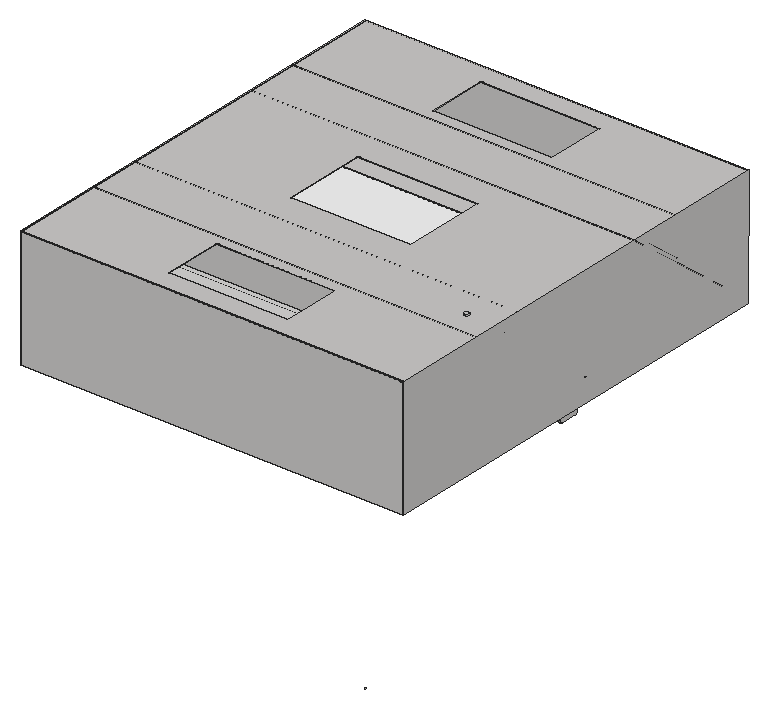
Revit family "QF_ELECTROLUXPROFESSIONAL_641265_STCF1816", category Attrezzature speciali, Revit 2021
Family settings
  Quota connettore circolare = Usa diametro
  Tipo di parte = Normale
  Basato su piano di lavoro = No
  Sempre verticale = Sì
  Taglio con vuoti quando caricato = No
  Condiviso = No
  Punto di calcolo locali = No
Parameters (values of type "Standard")
  Weight = 136.00 kg
  Watts = 320 W
  Volts = 220 V
  URL Manufacturer = "https://www.electroluxprofessional.com/"
  URL = "https://www.electroluxprofessional.com/"
  Steam Supply Size = 0 mm
  Steam Supply Minimum Pressure = 0.0 Pa
  Steam Supply Maximum Pressure = 0.0 Pa
  Steam Consumption per Hour = 0
  Refrigeration Suction Line Size = 0 mm
  Refrigeration Liquid Line Size = 0 mm
  Refrigerant Compressor Remote = yes
  Prospetto di default = 0 mm
  Produttore = "Electrolux Professional"
  Phase = 1
  Modello = "STCF1816"
  Length Actual = 1600 mm  # constant formula
  Item Number = "641265"
  Hot Water Size = 0 mm
  Height Actual = 500 mm  # constant formula
  HP = "0.4 HP"
  Gas Size = 0 mm
  Gas KW = 0
  Gas Input Pressure = 0 W
  Direct Waste Size = 0 mm
  Descrizione = "304 S/S ISLAND HOOD+FILT.+LAMP 1600X1800"
  Depth Actual = 1800 mm  # constant formula
  Cycle = 50 Hz
  Condensate Return Size = 0 mm
  Compressed Air Volume = 0.0 L/s
  Compressed Air Size = 0 mm
  Compressed Air Pressure = 0.0 Pa
  Cold Water Size = 0 mm
  Accessory = yes
Reference planes
  plane 1: z = 0
  plane 2 "Center (Left/Right)": x = 150
  plane 3 "LEFT": x = -650
  plane 4 "RIGHT": x = 950
  plane 5 "BACK": y = 550
  plane 6 "TOP": z = 2500
  plane 7 "Base": z = 2000
  plane 8: z = 1955
  plane 9: x = -647
  plane 10 "DrainX": x = 830
  plane 11 "AOLeft2": x = 400
  plane 12: x = 947
  plane 13: x = -450
  plane 14: x = 750
  plane 15 "Center (Front/Back)": y = -350
  plane 16 "Front": y = -1250
  plane 17 "AOLeft1": x = -100
  plane 18 "EI_y": y = -770
  plane 19 "EIx": x = 830
  plane 20: y = 464
  plane 21: y = 214
  plane 22: y = -1164
  plane 23: y = -914
  plane 24: y = -175
  plane 25: y = -525
Forms (mm)
  Extrusion 1, solid, material "QF_Finishes_Stainless Steel"
    sketch origin (-650, 0, 360) x (0, 1, 0) y (0, 0, 1)
      loop
        line (550, 1640) -> (550, 2140) -> (-1250, 2140) -> (-1250, 1640) -> (550, 1640)
    from 0 to 3
  Extrusion 2, solid, material "QF_Finishes_Stainless Steel"
    sketch origin (950, 0, 360) x (0, 1, 0) y (0, 0, 1)
      loop
        line (550, 1640) -> (550, 2140) -> (-1250, 2140) -> (-1250, 1640) -> (550, 1640)
    from 0 to -3
  Extrusion 3, solid, material "QF_Finishes_Stainless Steel"
    sketch origin (150, 0, 360) x (0, 1, 0) y (0, 0, 1)
      loop
        line (-1250, 2140) -> (-1250, 1640) -> (-1240, 1640) -> (-1240, 1640.8) -> (-1249.2, 1640.8) -> (-1249.2, 2139.19) -> (549.2, 2139.19) -> (549.2, 1640.8) -> (540, 1640.8) -> (540, 1640) -> (550, 1640) -> (550, 2140) -> (-1250, 2140)
    from -800 to 800
  Extrusion 4, solid, material "QF_Finishes_Stainless Steel"
    sketch origin (0, -840, 2000) x (0, 1, 0) y (-1, 0, 0)
      loop
        circle (490, -830) r 4.763
    from -30 to 0
  Extrusion 5, void
    sketch origin (0, 0, 2500) x (0, 1, 0) y (-1, 0, 0)
      loop
        line (-1164, -400) -> (-914, -400) -> (-914, 100) -> (-1164, 100) -> (-1164, -400)
    from 0 to -10
  Extrusion 6, solid, material "QF_Finishes_Stainless Steel"
    sketch origin (0, 0, 0) x (1, 0, 0) y (0, 1, 0)
      loop
        line (-650, 550) -> (-650, 549) -> (-649, 549) -> (-649, 550) -> (-650, 550)
    from 0 to 1
  Sweep 7, solid, material "QF_Finishes_Stainless Steel"
    path origin (0, 0, 0) x (1, 0, 0) y (0, 1, 0)
      loop
        line (950, 550) -> (-650, 550) -> (-650, -1250) -> (950, -1250) -> (950, 550)
    profile origin (950, -350, 0) x (1, 0, 0) y (0, 0, 1)
      loop
        line (-3, 2000) -> (-3, 2000.8) -> (-19, 2000.8) -> (-19, 2010) -> (-20, 2010) -> (-20, 2000) -> (-3, 2000)
  Extrusion 8, solid, material "QF_Finishes_Stainless Steel"
    sketch origin (150, -826.94, 0) x (0, 1, 0) y (0, 0, 1)
      loop
        line (414.66, 2095.469) -> (440.643, 2110.471) -> (261.744, 2411.771) -> (235.948, 2396.455) -> (414.66, 2095.469)
    from -797 to -600
  Extrusion 9, solid, material "QF_Finishes_Stainless Steel"
    sketch origin (830, -840, 0) x (0, 1, 0) y (0, 0, 1)
      loop
        line (539, 2000) -> (441, 2000) -> (441, 1989) -> (448.5, 1989) -> (448.5, 1965)
        arc (448.5, 1965) -> (451.429, 1957.929) -> (458.5, 1955) r 10
        line (458.5, 1955) -> (521.5, 1955)
        arc (521.5, 1955) -> (528.571, 1957.929) -> (531.5, 1965) r 10
        line (531.5, 1965) -> (531.5, 1989) -> (539, 1989) -> (539, 2000)
    from 90 to -90
  Extrusion 10, solid, material "QF_Finishes_Stainless Steel"
    sketch origin (150, -826.94, 0) x (0, 1, 0) y (0, 0, 1)
      loop
        line (414.66, 2095.469) -> (440.643, 2110.471) -> (261.744, 2411.771) -> (235.948, 2396.455) -> (414.66, 2095.469)
    from 600 to 797
  Extrusion 11, solid, material "QF_Finished_Chrome"
    sketch origin (150, -826.94, 0) x (0, 1, 0) y (0, 0, 1)
      loop
        line (414.66, 2095.469) -> (440.643, 2110.471) -> (261.744, 2411.771) -> (235.948, 2396.455) -> (414.66, 2095.469)
    from -600 to 600
  Extrusion 12, void
    sketch origin (0, 1180, 2500) x (0, 1, 0) y (-1, 0, 0)
      loop
        line (-1355, -400) -> (-1355, 100) -> (-1705, 100) -> (-1705, -400) -> (-1355, -400)
    from 0 to -10
  Extrusion 13, solid, material "QF_Finishes_Stainless Steel"
    sketch origin (0, 0, 2500) x (0, 1, 0) y (-1, 0, 0)
      loop
        circle (-770, -830) r 10
    from 0 to 1.6
  Extrusion 14, solid, material "QF_Finishes_Stainless Steel"
    sketch origin (150, -826.94, 360) x (0, 1, 0) y (0, 0, 1)
      loop
        line (430.005, 1640) -> (476.94, 1640) -> (476.94, 1640.8) -> (430.467, 1640.8) -> (371.906, 1742.23) -> (414.858, 1734.657) -> (442.266, 1750.481) -> (442.266, 1765.943) -> (441.466, 1765.943) -> (441.466, 1750.943) -> (414.709, 1735.495) -> (321.153, 1751.991) -> (320.875, 1750.416) -> (371.4, 1741.507) -> (430.005, 1640)
      loop
        line (172.529, 2139.19) -> (242.893, 2017.316) -> (245.133, 2018.715) -> (240.13, 2027.381) -> (238.569, 2026.405) -> (173.453, 2139.19) -> (172.529, 2139.19)
    from -797 to 797
  Extrusion 15, solid, material "QF_LAMPS"
    sketch origin (150, 0, 360) x (0, 1, 0) y (0, 0, 1)
      loop
        line (-872.823, 1962.324) -> (-718.948, 2086.929) -> (-727.129, 2097.032) -> (-881.003, 1972.426) -> (-872.823, 1962.324)
    from 797 to -797
  Extrusion 16, solid, material "QF_Finishes_Stainless Steel"
    sketch origin (150, 0, 360) x (0, 1, 0) y (0, 0, 1)
      loop
        line (-1250, 2139.19) -> (-1250, 1640) -> (-1186.602, 1640) -> (-1099.146, 1690.493) -> (-1110.058, 1709.394) -> (-1166.564, 1676.77) -> (-1214.704, 1680.982) -> (-1249.2, 1730.248) -> (-1249.2, 2139.19) -> (-1250, 2139.19)
      loop
        line (-873.6, 1961.694) -> (-881.937, 1971.99) -> (-869.095, 1982.182) -> (-869.095, 2139.19) -> (-869.895, 2139.19) -> (-869.895, 1982.569) -> (-1182.298, 1734.63) -> (-1171.091, 1720.79) -> (-873.6, 1961.694)
      loop
        line (-727.61, 2099.216) -> (-718.171, 2087.559) -> (-654.411, 2139.19) -> (-655.682, 2139.19) -> (-718.052, 2088.684) -> (-726.989, 2099.719) -> (-727.61, 2099.216)
    from -797 to 797
  Extrusion 17, solid, material "QF_Finishes_Stainless Steel"
    sketch origin (150, 126.94, 360) x (0, -1, 0) y (0, 0, -1)
      loop
        line (430.005, -1640) -> (371.4, -1741.507) -> (320.875, -1750.416) -> (321.153, -1751.991) -> (414.709, -1735.495) -> (441.466, -1750.943) -> (441.466, -1765.943) -> (442.266, -1765.943) -> (442.266, -1750.481) -> (414.858, -1734.657) -> (371.906, -1742.23) -> (430.467, -1640.8) -> (476.94, -1640.8) -> (476.94, -1640) -> (430.005, -1640)
      loop
        line (172.529, -2139.19) -> (173.453, -2139.19) -> (238.569, -2026.405) -> (240.13, -2027.381) -> (245.133, -2018.715) -> (242.893, -2017.316) -> (172.529, -2139.19)
    from -797 to 797
  Extrusion 18, solid, material "QF_LAMPS"
    sketch origin (150, -700, 360) x (0, -1, 0) y (0, 0, -1)
      loop
        line (-872.823, -1962.324) -> (-881.003, -1972.426) -> (-727.129, -2097.032) -> (-718.948, -2086.929) -> (-872.823, -1962.324)
    from 797 to -797
  Extrusion 19, solid, material "QF_Finishes_Stainless Steel"
    sketch origin (150, -700, 360) x (0, -1, 0) y (0, 0, -1)
      loop
        line (-1250, -2139.19) -> (-1249.2, -2139.19) -> (-1249.2, -1730.248) -> (-1214.704, -1680.982) -> (-1166.564, -1676.77) -> (-1110.058, -1709.394) -> (-1099.146, -1690.493) -> (-1186.602, -1640) -> (-1250, -1640) -> (-1250, -2139.19)
      loop
        line (-873.6, -1961.694) -> (-1171.091, -1720.79) -> (-1182.298, -1734.63) -> (-869.895, -1982.569) -> (-869.895, -2139.19) -> (-869.095, -2139.19) -> (-869.095, -1982.182) -> (-881.937, -1971.99) -> (-873.6, -1961.694)
      loop
        line (-727.61, -2099.216) -> (-726.989, -2099.719) -> (-718.052, -2088.684) -> (-655.682, -2139.19) -> (-654.411, -2139.19) -> (-718.171, -2087.559) -> (-727.61, -2099.216)
    from -797 to 797
  Extrusion 20, solid, material "QF_Finishes_Stainless Steel"
    sketch origin (150, 126.94, 0) x (0, -1, 0) y (0, 0, -1)
      loop
        line (414.66, -2095.469) -> (235.948, -2396.455) -> (261.744, -2411.771) -> (440.643, -2110.471) -> (414.66, -2095.469)
    from -797 to -600
  Extrusion 21, solid, material "QF_Finishes_Stainless Steel"
    sketch origin (150, 126.94, 0) x (0, -1, 0) y (0, 0, -1)
      loop
        line (414.66, -2095.469) -> (235.948, -2396.455) -> (261.744, -2411.771) -> (440.643, -2110.471) -> (414.66, -2095.469)
    from 600 to 797
  Extrusion 22, solid, material "QF_Finished_Chrome"
    sketch origin (150, 126.94, 0) x (0, -1, 0) y (0, 0, -1)
      loop
        line (414.66, -2095.469) -> (235.948, -2396.455) -> (261.744, -2411.771) -> (440.643, -2110.471) -> (414.66, -2095.469)
    from -600 to 600
  Extrusion 23, void
    sketch origin (0, 814, 2500) x (0, 1, 0) y (-1, 0, 0)
      loop
        line (-600, -400) -> (-350, -400) -> (-350, 100) -> (-600, 100) -> (-600, -400)
    from 0 to -10
Cuts and joins
  Extrusion 5, Extrusion 12, Extrusion 23 cuts Extrusion 3
  joined: Extrusion 2, Extrusion 3, Sweep 7
Lines and regions (mm)
  symbolic lines, style "SpecialityEquipment", detail levels coarse
    curve 1: line (950, 550, 2500) -> (-650, 550, 2500)
    curve 2: line (-650, 550, 2500) -> (-650, -1250, 2500)
    curve 3: line (950, -1250, 2500) -> (950, 550, 2500)
    curve 4: line (-650, 550, 0) -> (950, -1250, 0)
    curve 5: line (950, 550, 0) -> (-650, -1250, 0)
    curve 6: line (-650, -1250, 0) -> (950, -1250, 0)
  symbolic lines, detail levels coarse
    curve 7: line (-100, 464, 2500) -> (400, 464, 2500)
    curve 8: line (-100, 214, 2500) -> (-100, 464, 2500)
    curve 9: line (400, 214, 2500) -> (-100, 214, 2500)
    curve 10: line (400, 464, 2500) -> (400, 214, 2500)
    curve 11: line (-100, -175, 2500) -> (400, -175, 2500)
    curve 12: line (-100, -525, 2500) -> (-100, -175, 2500)
    curve 13: line (400, -525, 2500) -> (-100, -525, 2500)
    curve 14: line (400, -175, 2500) -> (400, -525, 2500)
    curve 15: line (-100, -914, 2500) -> (400, -914, 2500)
    curve 16: line (-100, -1164, 2500) -> (-100, -914, 2500)
    curve 17: line (400, -1164, 2500) -> (-100, -1164, 2500)
    curve 18: line (400, -914, 2500) -> (400, -1164, 2500)
Dimensions and locks
  plane 3 "LEFT" to plane 4 "RIGHT" = 1600 mm
  equal spacing: plane 3 "LEFT", plane 2 "Center (Left/Right)", plane 4 "RIGHT"
  plane 7 "Base" to plane 8 = 45 mm
  plane 3 "LEFT" to plane 9 = 3 mm
  plane 10 "DrainX" to plane 4 "RIGHT" = 120 mm
  plane 12 to plane 4 "RIGHT" = 3 mm
  plane 3 "LEFT" to plane 13 = 200 mm
  plane 14 to plane 4 "RIGHT" = 200 mm
  locked: plane 7 "Base" to level at 2000
  locked: plane 6 "TOP" to plane 7 "Base" at 500
  equal spacing: plane 5 "BACK", plane 15 "Center (Front/Back)", plane 16 "Front"
  locked: plane 18 "EI_y" to plane 16 "Front" at 480
  locked: plane 19 "EIx" to plane 4 "RIGHT" at 120
  locked: plane 5 "BACK" to plane 20 at 86
  plane 20 to plane 21 = 250 mm
  locked: plane 22 to plane 16 "Front" at 86
  locked: plane 22 to plane 23 at 250
  plane 24 to plane 15 "Center (Front/Back)" = 175 mm
  plane 15 "Center (Front/Back)" to plane 25 = 175 mm
  locked: plane 5 "BACK" to plane 16 "Front" at 1800
  plane 5 "BACK" to plane 16 "Front" = 1800 mm
  plane 24 to plane 25 = 350 mm
  equal spacing: plane 17 "AOLeft1", plane 2 "Center (Left/Right)", plane 11 "AOLeft2"
  locked: plane 17 "AOLeft1" to plane 11 "AOLeft2" at 500
  aligned and locked: level to plane 1
  aligned and locked: plane 4 "RIGHT" to Extrusion 3
  aligned and locked: Extrusion 3 to plane 3 "LEFT"
  aligned and locked: Extrusion 2 to plane 12
  aligned and locked: Extrusion 8 to plane 9
  aligned and locked: plane 17 "AOLeft1" to Extrusion 5
  aligned and locked: Extrusion 5 to plane 11 "AOLeft2"
  aligned and locked: Extrusion 8 to plane 13
  aligned and locked: plane 14 to Extrusion 10
  aligned and locked: plane 12 to Extrusion 10
  aligned and locked: plane 13 to Extrusion 11
  aligned and locked: Extrusion 11 to plane 14
  aligned and locked: Extrusion 12 to plane 17 "AOLeft1"
  aligned and locked: Extrusion 12 to plane 11 "AOLeft2"
  aligned and locked: Extrusion 14 to plane 9
  aligned and locked: plane 12 to Extrusion 14
  aligned and locked: Extrusion 22 to plane 13
  aligned and locked: Extrusion 22 to plane 14
  aligned and locked: plane 22 to Extrusion 5
  aligned and locked: Extrusion 5 to plane 23
  aligned and locked: Extrusion 23 to plane 17 "AOLeft1"
  aligned and locked: Extrusion 23 to plane 11 "AOLeft2"
  aligned and locked: plane 24 to Extrusion 12
  aligned and locked: Extrusion 12 to plane 25
  aligned and locked: plane 20 to Extrusion 23
  aligned and locked: Extrusion 23 to plane 21
  aligned and locked: Extrusion 19 to plane 9
  aligned and locked: Extrusion 18 to plane 9
  aligned and locked: Extrusion 17 to plane 9
  aligned and locked: plane 9 to Extrusion 20
  aligned and locked: Extrusion 16 to plane 9
  aligned and locked: Extrusion 15 to plane 9
  aligned and locked: plane 12 to Extrusion 19
  aligned and locked: plane 12 to Extrusion 18
  aligned and locked: plane 12 to Extrusion 17
  aligned and locked: Extrusion 21 to plane 12
  aligned and locked: plane 12 to Extrusion 15
  aligned and locked: Extrusion 16 to plane 12
  aligned and locked: Extrusion 20 to plane 13
  aligned and locked: plane 14 to Extrusion 21
Automatic sketch dimensions
  curve 6 to plane 3 "LEFT" = 0 mm
  curve 4 to plane 3 "LEFT" = 0 mm
  curve 5 to plane 4 "RIGHT" = 0 mm
  curve 6 to plane 4 "RIGHT" = 0 mm
  curve 4 to plane 16 "Front" = 0 mm
  curve 5 to plane 5 "BACK" = 0 mm
  curve 4 to plane 5 "BACK" = 0 mm
  Extrusion 1 sketch curve to plane 7 "Base" = 0 mm
  Extrusion 1 sketch curve to plane 16 "Front" = 0 mm
  Extrusion 1 sketch curve to plane 5 "BACK" = 0 mm
  Extrusion 1 sketch curve to plane 6 "TOP" = 0 mm
  Extrusion 2 sketch curve to plane 7 "Base" = 0 mm
  Extrusion 2 sketch curve to plane 16 "Front" = 0 mm
  Extrusion 2 sketch curve to plane 5 "BACK" = 0 mm
  Extrusion 2 sketch curve to plane 6 "TOP" = 0 mm
  Extrusion 3 sketch curve to plane 6 "TOP" = 0 mm
  Extrusion 3 sketch curve to plane 16 "Front" = 0 mm
  Extrusion 3 sketch curve to plane 7 "Base" = 0 mm  (x2)
  Extrusion 3 sketch curve to plane 5 "BACK" = 0 mm
  plane 16 "Front" to Extrusion 3 sketch curve = 0.8 mm
  Extrusion 3 sketch curve to Extrusion 3 sketch curve = 9.2 mm
  plane 7 "Base" to Extrusion 3 sketch curve = 0.8 mm  (x2)
  Extrusion 3 sketch curve to plane 5 "BACK" = 10 mm
  Extrusion 3 sketch curve to plane 5 "BACK" = 0.8 mm
  Extrusion 3 sketch curve to plane 6 "TOP" = 0.81 mm
  Extrusion 4 sketch curve to plane 10 "DrainX" = 0 mm
  Extrusion 4 sketch curve to plane 15 "Center (Front/Back)" = 0 mm
  Extrusion 5 sketch curve to plane 17 "AOLeft1" = 0 mm
  plane 22 to Extrusion 5 sketch curve = 0 mm
  Extrusion 5 sketch curve to plane 11 "AOLeft2" = 0 mm
  plane 23 to Extrusion 5 sketch curve = 0 mm
  Extrusion 6 sketch curve to plane 3 "LEFT" = 0 mm
  Extrusion 6 sketch curve to plane 5 "BACK" = 0 mm
  plane 3 "LEFT" to Extrusion 6 sketch curve = 1 mm
  Extrusion 6 sketch curve to Extrusion 6 sketch curve = 1 mm
  Sweep 7 sketch curve to plane 3 "LEFT" = 0 mm
  Sweep 7 sketch curve to plane 4 "RIGHT" = 0 mm
  Sweep 7 sketch curve to plane 16 "Front" = 0 mm
  Sweep 7 sketch curve to plane 5 "BACK" = 0 mm
  profile plane to Sweep 7 sketch curve = 20 mm
  Sweep 7 sketch curve to Sweep 7 sketch curve = 1 mm
  profile plane to Sweep 7 sketch curve = 3 mm
  level to Sweep 7 sketch curve = 2000 mm
  Sweep 7 sketch curve to Sweep 7 sketch curve = 0.8 mm
  Sweep 7 sketch curve to Sweep 7 sketch curve = 9.2 mm
  Extrusion 8 sketch curve to plane 25 = 65.992 mm
  Extrusion 8 sketch curve to Extrusion 8 sketch curve = 25.795 mm
  Extrusion 8 sketch curve to plane 15 "Center (Front/Back)" = 62.28 mm
  Extrusion 8 sketch curve to Extrusion 8 sketch curve = 25.983 mm
  plane 7 "Base" to Extrusion 8 sketch curve = 95.469 mm
  Extrusion 8 sketch curve to Extrusion 8 sketch curve = 15.001 mm
  Extrusion 8 sketch curve to plane 6 "TOP" = 103.545 mm
  Extrusion 8 sketch curve to Extrusion 8 sketch curve = 15.316 mm
  Extrusion 9 sketch curve to plane 8 = 0 mm
  Extrusion 9 sketch curve to plane 7 "Base" = 11 mm  (x2)
  Extrusion 9 sketch curve to plane 15 "Center (Front/Back)" = 49 mm
  Extrusion 9 sketch curve to Extrusion 9 sketch curve = 7.5 mm  (x2)
  Extrusion 9 sketch curve to Extrusion 9 sketch curve = 10 mm  (x2)
  plane 15 "Center (Front/Back)" to Extrusion 9 sketch curve = 31.5 mm
  plane 7 "Base" to Extrusion 9 sketch curve = 0 mm
  Extrusion 10 sketch curve to plane 25 = 65.992 mm
  Extrusion 10 sketch curve to Extrusion 10 sketch curve = 25.795 mm
  Extrusion 10 sketch curve to plane 15 "Center (Front/Back)" = 62.28 mm
  Extrusion 10 sketch curve to Extrusion 10 sketch curve = 25.983 mm
  plane 7 "Base" to Extrusion 10 sketch curve = 95.469 mm
  Extrusion 10 sketch curve to Extrusion 10 sketch curve = 15.001 mm
  Extrusion 10 sketch curve to plane 6 "TOP" = 103.545 mm
  Extrusion 10 sketch curve to Extrusion 10 sketch curve = 15.316 mm
  Extrusion 11 sketch curve to plane 25 = 65.992 mm
  Extrusion 11 sketch curve to Extrusion 11 sketch curve = 25.795 mm
  Extrusion 11 sketch curve to plane 15 "Center (Front/Back)" = 62.28 mm
  Extrusion 11 sketch curve to Extrusion 11 sketch curve = 25.983 mm
  plane 7 "Base" to Extrusion 11 sketch curve = 95.469 mm
  Extrusion 11 sketch curve to Extrusion 11 sketch curve = 15.001 mm
  Extrusion 11 sketch curve to plane 6 "TOP" = 103.545 mm
  Extrusion 11 sketch curve to Extrusion 11 sketch curve = 15.316 mm
  Extrusion 12 sketch curve to plane 11 "AOLeft2" = 0 mm
  Extrusion 12 sketch curve to plane 21 = 739 mm
  Extrusion 12 sketch curve to plane 20 = 639 mm
  Extrusion 12 sketch curve to plane 17 "AOLeft1" = 0 mm
  Extrusion 13 sketch curve to plane 18 "EI_y" = 0 mm
  Extrusion 13 sketch curve to plane 19 "EIx" = 0 mm
  Extrusion 14 sketch curve to plane 7 "Base" = 0 mm
  Extrusion 14 sketch curve to plane 6 "TOP" = 0.81 mm
  plane 18 "EI_y" to Extrusion 14 sketch curve = 115.589 mm
  Extrusion 14 sketch curve to Extrusion 14 sketch curve = 0.924 mm
  Extrusion 14 sketch curve to plane 25 = 63.371 mm
  Extrusion 14 sketch curve to Extrusion 14 sketch curve = 1.561 mm
  Extrusion 14 sketch curve to Extrusion 14 sketch curve = 4.324 mm
  Extrusion 14 sketch curve to Extrusion 14 sketch curve = 2.24 mm
  plane 25 to Extrusion 14 sketch curve = 18.935 mm
  Extrusion 14 sketch curve to Extrusion 14 sketch curve = 0.278 mm
  Extrusion 14 sketch curve to Extrusion 14 sketch curve = 50.525 mm
  Extrusion 14 sketch curve to Extrusion 14 sketch curve = 0.506 mm
  Extrusion 14 sketch curve to Extrusion 14 sketch curve = 42.803 mm
  Extrusion 14 sketch curve to Extrusion 14 sketch curve = 0.148 mm
  Extrusion 14 sketch curve to plane 15 "Center (Front/Back)" = 46.935 mm
  plane 7 "Base" to Extrusion 14 sketch curve = 0.8 mm
  Extrusion 14 sketch curve to Extrusion 14 sketch curve = 0.462 mm  (x2)
  Extrusion 14 sketch curve to Extrusion 14 sketch curve = 46.473 mm
  Extrusion 14 sketch curve to plane 15 "Center (Front/Back)" = 35.474 mm
  Extrusion 14 sketch curve to Extrusion 14 sketch curve = 0.8 mm
  plane 7 "Base" to Extrusion 14 sketch curve = 94.657 mm
  Extrusion 14 sketch curve to Extrusion 14 sketch curve = 0.838 mm
  Extrusion 14 sketch curve to Extrusion 14 sketch curve = 6.012 mm
  Extrusion 14 sketch curve to Extrusion 14 sketch curve = 0.723 mm
  Extrusion 14 sketch curve to Extrusion 14 sketch curve = 14.986 mm
  Extrusion 14 sketch curve to Extrusion 14 sketch curve = 15 mm
  Extrusion 14 sketch curve to plane 6 "TOP" = 122.684 mm
  Extrusion 14 sketch curve to Extrusion 14 sketch curve = 1.399 mm
  Extrusion 14 sketch curve to Extrusion 14 sketch curve = 9.089 mm
  Extrusion 14 sketch curve to Extrusion 14 sketch curve = 0.975 mm
  Extrusion 15 sketch curve to plane 23 = 32.997 mm
  Extrusion 15 sketch curve to Extrusion 15 sketch curve = 8.181 mm  (x2)
  plane 18 "EI_y" to Extrusion 15 sketch curve = 42.871 mm
  Extrusion 15 sketch curve to plane 6 "TOP" = 177.676 mm
  Extrusion 15 sketch curve to Extrusion 15 sketch curve = 10.102 mm
  Extrusion 15 sketch curve to plane 6 "TOP" = 53.071 mm
  Extrusion 15 sketch curve to Extrusion 15 sketch curve = 10.103 mm
  Extrusion 16 sketch curve to plane 7 "Base" = 0 mm
  Extrusion 16 sketch curve to plane 16 "Front" = 0 mm
  Extrusion 16 sketch curve to Extrusion 16 sketch curve = 0.8 mm  (x2)
  plane 16 "Front" to Extrusion 16 sketch curve = 35.296 mm
  plane 22 to Extrusion 16 sketch curve = 22.602 mm
  plane 22 to Extrusion 16 sketch curve = 18.298 mm
  plane 22 to Extrusion 16 sketch curve = 7.091 mm
  plane 22 to Extrusion 16 sketch curve = 2.564 mm
  Extrusion 16 sketch curve to plane 22 = 53.942 mm
  Extrusion 16 sketch curve to Extrusion 16 sketch curve = 10.912 mm
  Extrusion 16 sketch curve to plane 23 = 32.063 mm
  Extrusion 16 sketch curve to Extrusion 16 sketch curve = 8.337 mm
  Extrusion 16 sketch curve to Extrusion 16 sketch curve = 12.042 mm
  plane 18 "EI_y" to Extrusion 16 sketch curve = 42.39 mm
  Extrusion 16 sketch curve to Extrusion 16 sketch curve = 0.622 mm
  Extrusion 16 sketch curve to Extrusion 16 sketch curve = 9.44 mm
  Extrusion 16 sketch curve to Extrusion 16 sketch curve = 0.118 mm
  Extrusion 16 sketch curve to plane 6 "TOP" = 0.81 mm  (x3)
  Extrusion 16 sketch curve to Extrusion 16 sketch curve = 62.37 mm
  Extrusion 16 sketch curve to Extrusion 16 sketch curve = 1.271 mm
  plane 7 "Base" to Extrusion 16 sketch curve = 36.77 mm
  plane 7 "Base" to Extrusion 16 sketch curve = 40.982 mm
  plane 7 "Base" to Extrusion 16 sketch curve = 50.493 mm
  Extrusion 16 sketch curve to Extrusion 16 sketch curve = 18.901 mm
  Extrusion 16 sketch curve to Extrusion 16 sketch curve = 44.02 mm
  Extrusion 16 sketch curve to Extrusion 16 sketch curve = 49.266 mm
  Extrusion 16 sketch curve to Extrusion 16 sketch curve = 13.84 mm
  Extrusion 16 sketch curve to plane 6 "TOP" = 178.306 mm
  Extrusion 16 sketch curve to Extrusion 16 sketch curve = 10.296 mm
  Extrusion 16 sketch curve to Extrusion 16 sketch curve = 10.192 mm
  Extrusion 16 sketch curve to Extrusion 16 sketch curve = 0.386 mm
  Extrusion 16 sketch curve to plane 6 "TOP" = 52.441 mm
  Extrusion 16 sketch curve to Extrusion 16 sketch curve = 1.125 mm
  Extrusion 17 sketch curve to plane 7 "Base" = 0 mm
  plane 6 "TOP" to Extrusion 17 sketch curve = 0.81 mm
  Extrusion 17 sketch curve to plane 24 = 129.411 mm
  Extrusion 17 sketch curve to Extrusion 17 sketch curve = 0.924 mm
  Extrusion 17 sketch curve to plane 24 = 63.371 mm
  Extrusion 17 sketch curve to Extrusion 17 sketch curve = 1.561 mm
  Extrusion 17 sketch curve to Extrusion 17 sketch curve = 4.324 mm
  Extrusion 17 sketch curve to Extrusion 17 sketch curve = 2.24 mm
  plane 24 to Extrusion 17 sketch curve = 18.935 mm
  Extrusion 17 sketch curve to Extrusion 17 sketch curve = 0.278 mm
  Extrusion 17 sketch curve to Extrusion 17 sketch curve = 50.525 mm
  Extrusion 17 sketch curve to Extrusion 17 sketch curve = 0.506 mm
  Extrusion 17 sketch curve to Extrusion 17 sketch curve = 42.803 mm
  Extrusion 17 sketch curve to Extrusion 17 sketch curve = 0.148 mm
  Extrusion 17 sketch curve to plane 15 "Center (Front/Back)" = 46.935 mm
  Extrusion 17 sketch curve to plane 7 "Base" = 0.8 mm
  Extrusion 17 sketch curve to Extrusion 17 sketch curve = 0.462 mm  (x2)
  Extrusion 17 sketch curve to Extrusion 17 sketch curve = 46.473 mm
  Extrusion 17 sketch curve to plane 15 "Center (Front/Back)" = 35.474 mm
  Extrusion 17 sketch curve to Extrusion 17 sketch curve = 0.8 mm
  Extrusion 17 sketch curve to plane 7 "Base" = 94.657 mm
  Extrusion 17 sketch curve to Extrusion 17 sketch curve = 0.838 mm
  Extrusion 17 sketch curve to Extrusion 17 sketch curve = 6.012 mm
  Extrusion 17 sketch curve to Extrusion 17 sketch curve = 0.723 mm
  Extrusion 17 sketch curve to Extrusion 17 sketch curve = 14.986 mm
  Extrusion 17 sketch curve to Extrusion 17 sketch curve = 15 mm
  plane 6 "TOP" to Extrusion 17 sketch curve = 122.684 mm
  Extrusion 17 sketch curve to Extrusion 17 sketch curve = 1.399 mm
  Extrusion 17 sketch curve to Extrusion 17 sketch curve = 9.089 mm
  Extrusion 17 sketch curve to Extrusion 17 sketch curve = 0.975 mm
  plane 21 to Extrusion 18 sketch curve = 32.997 mm
  Extrusion 18 sketch curve to Extrusion 18 sketch curve = 8.181 mm  (x2)
  plane 6 "TOP" to Extrusion 18 sketch curve = 42.968 mm
  plane 21 to Extrusion 18 sketch curve = 186.871 mm
  plane 6 "TOP" to Extrusion 18 sketch curve = 53.071 mm
  plane 6 "TOP" to Extrusion 18 sketch curve = 167.574 mm
  Extrusion 18 sketch curve to Extrusion 18 sketch curve = 10.102 mm
  Extrusion 19 sketch curve to plane 5 "BACK" = 0 mm
  Extrusion 19 sketch curve to plane 7 "Base" = 0 mm
  Extrusion 19 sketch curve to Extrusion 19 sketch curve = 0.8 mm  (x2)
  plane 5 "BACK" to Extrusion 19 sketch curve = 35.296 mm
  Extrusion 19 sketch curve to plane 20 = 22.602 mm
  Extrusion 19 sketch curve to plane 20 = 18.298 mm
  Extrusion 19 sketch curve to plane 20 = 7.091 mm
  Extrusion 19 sketch curve to plane 20 = 2.564 mm
  plane 20 to Extrusion 19 sketch curve = 53.942 mm
  Extrusion 19 sketch curve to Extrusion 19 sketch curve = 10.912 mm
  plane 21 to Extrusion 19 sketch curve = 32.063 mm
  Extrusion 19 sketch curve to Extrusion 19 sketch curve = 8.337 mm
  Extrusion 19 sketch curve to Extrusion 19 sketch curve = 12.042 mm
  plane 6 "TOP" to Extrusion 19 sketch curve = 40.784 mm
  Extrusion 19 sketch curve to Extrusion 19 sketch curve = 141.485 mm
  plane 6 "TOP" to Extrusion 19 sketch curve = 40.281 mm
  Extrusion 19 sketch curve to Extrusion 19 sketch curve = 0.622 mm
  plane 6 "TOP" to Extrusion 19 sketch curve = 52.441 mm
  plane 6 "TOP" to Extrusion 19 sketch curve = 51.316 mm
  plane 6 "TOP" to Extrusion 19 sketch curve = 0.81 mm  (x3)
  Extrusion 19 sketch curve to Extrusion 19 sketch curve = 62.37 mm
  Extrusion 19 sketch curve to Extrusion 19 sketch curve = 1.271 mm
  Extrusion 19 sketch curve to plane 7 "Base" = 36.77 mm
  Extrusion 19 sketch curve to plane 7 "Base" = 40.982 mm
  Extrusion 19 sketch curve to plane 7 "Base" = 50.493 mm
  Extrusion 19 sketch curve to Extrusion 19 sketch curve = 18.901 mm
  Extrusion 19 sketch curve to Extrusion 19 sketch curve = 44.02 mm
  Extrusion 19 sketch curve to Extrusion 19 sketch curve = 49.266 mm
  Extrusion 19 sketch curve to Extrusion 19 sketch curve = 13.84 mm
  plane 6 "TOP" to Extrusion 19 sketch curve = 178.306 mm
  Extrusion 19 sketch curve to Extrusion 19 sketch curve = 10.296 mm
  Extrusion 19 sketch curve to Extrusion 19 sketch curve = 10.192 mm
  Extrusion 19 sketch curve to Extrusion 19 sketch curve = 0.386 mm
  Extrusion 20 sketch curve to plane 24 = 65.992 mm
  Extrusion 20 sketch curve to Extrusion 20 sketch curve = 25.795 mm
  Extrusion 20 sketch curve to plane 15 "Center (Front/Back)" = 62.28 mm
  Extrusion 20 sketch curve to Extrusion 20 sketch curve = 25.983 mm
  Extrusion 20 sketch curve to plane 7 "Base" = 95.469 mm
  Extrusion 20 sketch curve to Extrusion 20 sketch curve = 15.001 mm
  plane 6 "TOP" to Extrusion 20 sketch curve = 103.545 mm
  Extrusion 20 sketch curve to Extrusion 20 sketch curve = 15.316 mm
  Extrusion 21 sketch curve to plane 24 = 65.992 mm
  Extrusion 21 sketch curve to Extrusion 21 sketch curve = 25.795 mm
  Extrusion 21 sketch curve to plane 15 "Center (Front/Back)" = 62.28 mm
  Extrusion 21 sketch curve to Extrusion 21 sketch curve = 25.983 mm
  Extrusion 21 sketch curve to plane 7 "Base" = 95.469 mm
  Extrusion 21 sketch curve to Extrusion 21 sketch curve = 15.001 mm
  plane 6 "TOP" to Extrusion 21 sketch curve = 103.545 mm
  Extrusion 21 sketch curve to Extrusion 21 sketch curve = 15.316 mm
  Extrusion 22 sketch curve to plane 24 = 65.992 mm
  Extrusion 22 sketch curve to Extrusion 22 sketch curve = 25.795 mm
  Extrusion 22 sketch curve to plane 15 "Center (Front/Back)" = 62.28 mm
  Extrusion 22 sketch curve to Extrusion 22 sketch curve = 25.983 mm
  Extrusion 22 sketch curve to plane 7 "Base" = 95.469 mm
  Extrusion 22 sketch curve to Extrusion 22 sketch curve = 15.001 mm
  plane 6 "TOP" to Extrusion 22 sketch curve = 103.545 mm
  Extrusion 22 sketch curve to Extrusion 22 sketch curve = 15.316 mm
  plane 15 "Center (Front/Back)" to Extrusion 23 sketch curve = 564 mm
  plane 11 "AOLeft2" to Extrusion 23 sketch curve = 0 mm
  plane 17 "AOLeft1" to Extrusion 23 sketch curve = 0 mm
  plane 24 to Extrusion 23 sketch curve = 639 mm
  curve 2 to plane 3 "LEFT" = 0 mm
  curve 2 to plane 16 "Front" = 0 mm
  curve 3 to plane 4 "RIGHT" = 0 mm
  curve 3 to plane 16 "Front" = 0 mm
  curve 17 to plane 17 "AOLeft1" = 0 mm
  plane 22 to curve 17 = 0 mm
  plane 23 to curve 16 = 0 mm
  curve 12 to plane 17 "AOLeft1" = 0 mm
  curve 12 to plane 25 = 0 mm
  curve 11 to plane 11 "AOLeft2" = 0 mm
  curve 11 to plane 24 = 0 mm
  curve 8 to plane 17 "AOLeft1" = 0 mm
  curve 8 to plane 21 = 0 mm
  curve 8 to plane 20 = 0 mm
  curve 2 to plane 5 "BACK" = 0 mm
  curve 15 to plane 11 "AOLeft2" = 0 mm
  curve 7 to plane 11 "AOLeft2" = 0 mm
  radius of Extrusion 4 sketch curve = 4.763 mm
  radius of Extrusion 13 sketch curve = 10 mm
Connectors
  piping at (830, -350, 1970), diameter 9.5
    settings: on Extrusion 4, index 1, connector inside diameter 609.6 mm, connector length 0 mm, flow factor 0, pipe flow 0.0 L/s, pressure drop 0.0 Pa, fitting loss kfactor 0, connector angle 0.00°, fixture units 0, engagement length 0 mm, angle of deflection 0.00°, flow configuration 1, flow direction 2, fitting loss method 0, system type 16, joint type 0, gender type 0, connector reference index -1, connector utility 0, adjustable connector no, is connector primary yes, connector description "Drain"
  hvac at (150, -1039, 2500)
    settings: on Extrusion 5, index 2, duct flow 0.0 L/s, flow factor 0, pres drop 0.0 Pa, loss coef 0, conn angle 0.00°, conn width 250 mm, conn height 500 mm, conn diameter 609.6 mm, duct sys type 1, conn prof type 1, flow config 1, flow direction 1, loss method 0, conn ref index -1, conn util no, is conn primary yes, conn desc "AIR INLET"
  hvac at (150, -350, 2500)
    settings: on Extrusion 12, index 4, duct flow 0.0 L/s, flow factor 0, pres drop 0.0 Pa, loss coef 0, conn angle 0.00°, conn width 350 mm, conn height 500 mm, conn diameter 609.6 mm, duct sys type 3, conn prof type 1, flow config 1, flow direction 2, loss method 0, conn ref index -1, conn util no, is conn primary no, conn desc "EXHAUST OUTLET"
  electrical at (830, -770, 2501.6), driven by "Volts"
    settings: on Extrusion 13, index 6, voltage 220 V, apparent load 0 VA, apparent load phase1 0 VA, apparent load phase2 0 VA, apparent load phase3 0 VA, power factor 1, load classification "Other", number of poles 1, system type 30, power factor state 1, is connector primary yes, connector utility no, sub classification motor no, connector description "Electrical Connection"
  hvac at (150, 339, 2500)
    settings: on Extrusion 23, index 7, duct flow 0.0 L/s, flow factor 0, pres drop 0.0 Pa, loss coef 0, conn angle 0.00°, conn width 250 mm, conn height 500 mm, conn diameter 609.6 mm, duct sys type 1, conn prof type 1, flow config 1, flow direction 1, loss method 0, conn ref index -1, conn util no, is conn primary no, conn desc "AIR INLET"
